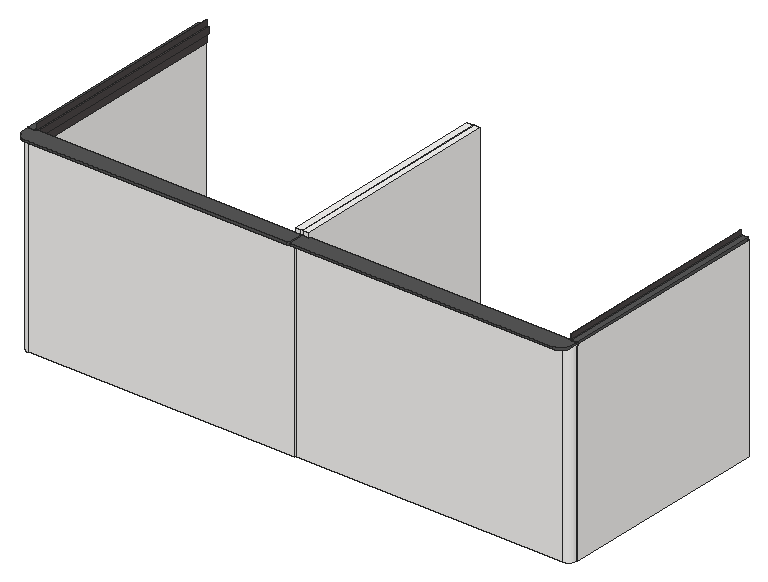
Revit family "vanity unit with 2 drawers for consoles with countertop basin ground", category Furniture, Revit 2019 (continued)
Types (48, lengths in mm): name | WEIGHT | Vanity unit 1560_550 with 2 drawers for consoles with countertop basin ground-54073700-Dark Walnut-MATT_WHITE-400_RX0RY0RZ0TX0TY0TZ0_V | Vanity unit 1560_550 with 2 drawers for consoles with countertop basin ground-54073700-Dark Walnut-MATT_WHITE-200_RX0RY0RZ0TX0TY0TZ0_V | Vanity unit 1560_550 with 2 drawers for consoles with countertop basin ground-54073670-Dark Walnut-MATT_BLACK-400_RX0RY0RZ0TX0TY0TZ0_V | Vanity unit 1560_550 with 2 drawers for consoles with countertop basin ground-54073670-Dark Walnut-MATT_BLACK-200_RX0RY0RZ0TX0TY0TZ0_V | Vanity unit 1560_550 with 2 drawers for consoles with countertop basin ground-54073000-Dark Walnut-CHROME-400_RX0RY0RZ0TX0TY0TZ0_V | Vanity unit 1560_550 with 2 drawers for consoles with countertop basin ground-54073000-Dark Walnut-CHROME-200_RX0RY0RZ0TX0TY0TZ0_V | Vanity unit 1560_550 with 2 drawers for consoles with countertop basin ground-54072700-Natural Oak-MATT_WHITE-400_RX0RY0RZ0TX0TY0TZ0_V | Vanity unit 1560_550 with 2 drawers for consoles with countertop basin ground-54072700-Natural Oak-MATT_WHITE-200_RX0RY0RZ0TX0TY0TZ0_V | Vanity unit 1560_550 with 2 drawers for consoles with countertop basin ground-54072670-Natural Oak-MATT_BLACK-400_RX0RY0RZ0TX0TY0TZ0_V | Vanity unit 1560_550 with 2 drawers for consoles with countertop basin ground-54072670-Natural Oak-MATT_BLACK-200_RX0RY0RZ0TX0TY0TZ0_V | Vanity unit 1560_550 with 2 drawers for consoles with countertop basin ground-54072000-Natural Oak-CHROME-400_RX0RY0RZ0TX0TY0TZ0_V | Vanity unit 1560_550 with 2 drawers for consoles with countertop basin ground-54072000-Natural Oak-CHROME-200_RX0RY0RZ0TX0TY0TZ0_V | Vanity unit 1560_550 with 2 drawers for consoles with countertop basin ground-54071700-Diamond Matt Grey-MATT_WHITE-400_RX0RY0RZ0TX0TY0TZ0_V | Vanity unit 1560_550 with 2 drawers for consoles with countertop basin ground-54071700-Diamond Matt Grey-MATT_WHITE-200_RX0RY0RZ0TX0TY0TZ0_V | Vanity unit 1560_550 with 2 drawers for consoles with countertop basin ground-54071670-Diamond Matt Grey-MATT_BLACK-400_RX0RY0RZ0TX0TY0TZ0_V | Vanity unit 1560_550 with 2 drawers for consoles with countertop basin ground-54071670-Diamond Matt Grey-MATT_BLACK-200_RX0RY0RZ0TX0TY0TZ0_V | Vanity unit 1560_550 with 2 drawers for consoles with countertop basin ground-54071000-Diamond Matt Grey-CHROME-400_RX0RY0RZ0TX0TY0TZ0_V | Vanity unit 1560_550 with 2 drawers for consoles with countertop basin ground-54071000-Diamond Matt Grey-CHROME-200_RX0RY0RZ0TX0TY0TZ0_V | Vanity unit 1560_550 with 2 drawers for consoles with countertop basin ground-54070700-High Gloss White-MATT_WHITE-400_RX0RY0RZ0TX0TY0TZ0_V | Vanity unit 1560_550 with 2 drawers for consoles with countertop basin ground-54070700-High Gloss White-MATT_WHITE-200_RX0RY0RZ0TX0TY0TZ0_V | Vanity unit 1560_550 with 2 drawers for consoles with countertop basin ground-54070670-High Gloss White-MATT_BLACK-400_RX0RY0RZ0TX0TY0TZ0_V | Vanity unit 1560_550 with 2 drawers for consoles with countertop basin ground-54070670-High Gloss White-MATT_BLACK-200_RX0RY0RZ0TX0TY0TZ0_V | Vanity unit 1560_550 with 2 drawers for consoles with countertop basin ground-54070000-High Gloss White-CHROME-400_RX0RY0RZ0TX0TY0TZ0_V | Vanity unit 1560_550 with 2 drawers for consoles with countertop basin ground-54070000-High Gloss White-CHROME-200_RX0RY0RZ0TX0TY0TZ0_V | Vanity unit 1360_550 with 2 drawers for consoles with countertop basin ground-54069700-Dark Walnut-MATT_WHITE-400_RX0RY0RZ0TX0TY0TZ0_V | Vanity unit 1360_550 with 2 drawers for consoles with countertop basin ground-54069700-Dark Walnut-MATT_WHITE-200_RX0RY0RZ0TX0TY0TZ0_V | Vanity unit 1360_550 with 2 drawers for consoles with countertop basin ground-54069670-Dark Walnut-MATT_BLACK-400_RX0RY0RZ0TX0TY0TZ0_V | Vanity unit 1360_550 with 2 drawers for consoles with countertop basin ground-54069670-Dark Walnut-MATT_BLACK-200_RX0RY0RZ0TX0TY0TZ0_V | Vanity unit 1360_550 with 2 drawers for consoles with countertop basin ground-54069000-Dark Walnut-CHROME-400_RX0RY0RZ0TX0TY0TZ0_V | Vanity unit 1360_550 with 2 drawers for consoles with countertop basin ground-54069000-Dark Walnut-CHROME-200_RX0RY0RZ0TX0TY0TZ0_V | Vanity unit 1360_550 with 2 drawers for consoles with countertop basin ground-54068700-Natural Oak-MATT_WHITE-400_RX0RY0RZ0TX0TY0TZ0_V | Vanity unit 1360_550 with 2 drawers for consoles with countertop basin ground-54068700-Natural Oak-MATT_WHITE-200_RX0RY0RZ0TX0TY0TZ0_V | Vanity unit 1360_550 with 2 drawers for consoles with countertop basin ground-54068670-Natural Oak-MATT_BLACK-400_RX0RY0RZ0TX0TY0TZ0_V | Vanity unit 1360_550 with 2 drawers for consoles with countertop basin ground-54068670-Natural Oak-MATT_BLACK-200_RX0RY0RZ0TX0TY0TZ0_V | Vanity unit 1360_550 with 2 drawers for consoles with countertop basin ground-54068000-Natural Oak-CHROME-400_RX0RY0RZ0TX0TY0TZ0_V | Vanity unit 1360_550 with 2 drawers for consoles with countertop basin ground-54068000-Natural Oak-CHROME-200_RX0RY0RZ0TX0TY0TZ0_V | Vanity unit 1360_550 with 2 drawers for consoles with countertop basin ground-54067700-Diamond Matt Grey-MATT_WHITE-400_RX0RY0RZ0TX0TY0TZ0_V | Vanity unit 1360_550 with 2 drawers for consoles with countertop basin ground-54067700-Diamond Matt Grey-MATT_WHITE-200_RX0RY0RZ0TX0TY0TZ0_V | Vanity unit 1360_550 with 2 drawers for consoles with countertop basin ground-54067670-Diamond Matt Grey-MATT_BLACK-400_RX0RY0RZ0TX0TY0TZ0_V | Vanity unit 1360_550 with 2 drawers for consoles with countertop basin ground-54067670-Diamond Matt Grey-MATT_BLACK-200_RX0RY0RZ0TX0TY0TZ0_V | Vanity unit 1360_550 with 2 drawers for consoles with countertop basin ground-54067000-Diamond Matt Grey-CHROME-400_RX0RY0RZ0TX0TY0TZ0_V | Vanity unit 1360_550 with 2 drawers for consoles with countertop basin ground-54067000-Diamond Matt Grey-CHROME-200_RX0RY0RZ0TX0TY0TZ0_V | Vanity unit 1360_550 with 2 drawers for consoles with countertop basin ground-54066700-High Gloss White-MATT_WHITE-400_RX0RY0RZ0TX0TY0TZ0_V | Vanity unit 1360_550 with 2 drawers for consoles with countertop basin ground-54066700-High Gloss White-MATT_WHITE-200_RX0RY0RZ0TX0TY0TZ0_V | Vanity unit 1360_550 with 2 drawers for consoles with countertop basin ground-54066670-High Gloss White-MATT_BLACK-400_RX0RY0RZ0TX0TY0TZ0_V | Vanity unit 1360_550 with 2 drawers for consoles with countertop basin ground-54066670-High Gloss White-MATT_BLACK-200_RX0RY0RZ0TX0TY0TZ0_V | Vanity unit 1360_550 with 2 drawers for consoles with countertop basin ground-54066000-High Gloss White-CHROME-400_RX0RY0RZ0TX0TY0TZ0_V | Vanity unit 1360_550 with 2 drawers for consoles with countertop basin ground-54066000-High Gloss White-CHROME-200_RX0RY0RZ0TX0TY0TZ0_V | SURFACE | PRODUCTURL | PERMALINK | OBERFLAECHE | NB | NAME | Model | MIdent | LODLEVEL | LINA | L | GTINCODE | BASENUMBER | ARTNR
  Vanity unit 1360_550 with 2 drawers for consoles with countertop basin ground-54067700-Diamond Matt Grey-MATT_WHITE-400 | "45.1" | no | no | no | no | no | no | no | no | no | no | no | no | no | no | no | no | no | no | no | no | no | no | no | no | no | no | no | no | no | no | no | no | no | no | no | no | yes | no | no | no | no | no | no | no | no | no | no | no | "MATT_WHITE" | "https://pro.hansgrohe.com/articledetail--54067000" | "54067XXX" | "Diamond Matt Grey" | "Vanity unit 1360/550 with 2 drawers for consoles with countertop basin ground-54067700-Diamond Matt Grey-MATT_WHITE-400" | "Xelu Q Vanity unit Diamond Matt Grey 1360/550 with 2 drawers for consoles with countertop basin ground" | "Vanity unit 1360/550 with 2 drawers for consoles with countertop basin ground-54067700-Diamond Matt Grey-MATT_WHITE-400" | "{$CADENAS_DATA/23d-libs/hansgrohe/xelu_furniture/vanity_unit_with_2_drawers_for_consoles_countertop/vanity_unit_2_drawers_for_consoles_countertop.prj},448 {VTYP=3D},{NB=Vanity unit 1360/550 with 2 drawers for consoles with countertop basin ground-54067700-Diamond Matt Grey-MATT_WHITE-400},{LINA=Vanity unit 1360/550 with 2 drawers for consoles with countertop basin ground-54067700-Diamond Matt Grey-MATT_WHITE-400},{NN=Vanity Unit with 2 Drawers for consoles with countertop basin ground},{DATE=13.03.2023 02:42:47},{GEOMDATE=08.03.2023 14:02:26},{VERSION=},{LINEID=50},{WBVAR=LODLEVEL},{WBNUMERIC=}  {NB=Vanity unit 1360/550 with 2 drawers for consoles with countertop basin ground-54067700-Diamond Matt Grey-MATT_WHITE-400},{LINA=Vanity unit 1360/550 with 2 drawers for consoles with countertop basin ground-54067700-Diamond Matt Grey-MATT_WHITE-400},{KT=DUMMY},{IDNR=5},{ARTNR=54067700},{BASENUMBER=Vanity unit 1360/550 with 2 drawers for consoles with countertop basin ground},{MODEL=54067XXX},{OBERFLAECHE=Diamond Matt Grey},{SURFACE=MATT_WHITE},{L=1360},{LODLEVEL=400},{LODLEVELX='400','400','200','200'},{NAME=Xelu Q Vanity unit Diamond Matt Grey 1360/550 with 2 drawers for consoles with countertop basin ground},{PERMALINK=54067XXX},{OBJECTTYPE=Object (single object)},{BIMOBJECT=Sanitary: Compound units},{PRODUCTFAMILY=Xelu Q},{PRODUCTGROUP=vanity unit},{WEIGHT=45.1},{DESCRIPTION=Xelu Q Vanity unit Diamond Matt Grey 1360/550 with 2 drawers for consoles with countertop basin ground},{SPECIFICATION=},{PRODUCTURL=https://pro.hansgrohe.com/articledetail--54067000},{GTINCODE=4059625456347},{TENDERURL=},{IFC=Furnishing element},{ETIM=EC011381 | Bathroom furniture set},{UNICLASS2015=Pr_40_30_78_05 | Bathroom furniture},{OMNICLASS=23-21 19 15 33 13 | Residential Bathroom Specialty Casework},{MASTERFORMAT=12 35 30.23 | Bathroom Casework},{UNSPSC=56 | Furniture and Furnishings},{UNIFORMATII=E2010 | Fixed Furnishings},{REGIONSET=Worldwide},{DESIGN=Germany},{MANUFACTURER=Germany}" | "400" | "Vanity unit 1360/550 with 2 drawers for consoles with countertop basin ground-54067700-Diamond Matt Grey-MATT_WHITE-400" | 1360 | "4059625456347" | "Vanity unit 1360/550 with 2 drawers for consoles with countertop basin ground" | "54067700"
  Vanity unit 1360_550 with 2 drawers for consoles with countertop basin ground-54068000-Natural Oak-CHROME-200 | "45.1" | no | no | no | no | no | no | no | no | no | no | no | no | no | no | no | no | no | no | no | no | no | no | no | no | no | no | no | no | no | no | no | no | no | no | no | yes | no | no | no | no | no | no | no | no | no | no | no | no | "CHROME" | "https://pro.hansgrohe.com/articledetail--54068000" | "54068XXX" | "Natural Oak" | "Vanity unit 1360/550 with 2 drawers for consoles with countertop basin ground-54068000-Natural Oak-CHROME-200" | "Xelu Q Vanity unit Natural Oak 1360/550 with 2 drawers for consoles with countertop basin ground" | "Vanity unit 1360/550 with 2 drawers for consoles with countertop basin ground-54068000-Natural Oak-CHROME-200" | "{$CADENAS_DATA/23d-libs/hansgrohe/xelu_furniture/vanity_unit_with_2_drawers_for_consoles_countertop/vanity_unit_2_drawers_for_consoles_countertop.prj},428 {VTYP=3D},{NB=Vanity unit 1360/550 with 2 drawers for consoles with countertop basin ground-54068000-Natural Oak-CHROME-200},{LINA=Vanity unit 1360/550 with 2 drawers for consoles with countertop basin ground-54068000-Natural Oak-CHROME-200},{NN=Vanity Unit with 2 Drawers for consoles with countertop basin ground},{DATE=13.03.2023 02:42:47},{GEOMDATE=08.03.2023 14:02:26},{VERSION=},{LINEID=90},{WBVAR=LODLEVEL},{WBNUMERIC=}  {NB=Vanity unit 1360/550 with 2 drawers for consoles with countertop basin ground-54068000-Natural Oak-CHROME-200},{LINA=Vanity unit 1360/550 with 2 drawers for consoles with countertop basin ground-54068000-Natural Oak-CHROME-200},{KT=DUMMY},{IDNR=9},{ARTNR=54068000},{BASENUMBER=Vanity unit 1360/550 with 2 drawers for consoles with countertop basin ground},{MODEL=54068XXX},{OBERFLAECHE=Natural Oak},{SURFACE=CHROME},{L=1360},{LODLEVEL=200},{LODLEVELX='400','400','200','200'},{NAME=Xelu Q Vanity unit Natural Oak 1360/550 with 2 drawers for consoles with countertop basin ground},{PERMALINK=54068XXX},{OBJECTTYPE=Object (single object)},{BIMOBJECT=Sanitary: Compound units},{PRODUCTFAMILY=Xelu Q},{PRODUCTGROUP=vanity unit},{WEIGHT=45.1},{DESCRIPTION=Xelu Q Vanity unit Natural Oak 1360/550 with 2 drawers for consoles with countertop basin ground},{SPECIFICATION=},{PRODUCTURL=https://pro.hansgrohe.com/articledetail--54068000},{GTINCODE=4059625456316},{TENDERURL=},{IFC=Furnishing element},{ETIM=EC011381 | Bathroom furniture set},{UNICLASS2015=Pr_40_30_78_05 | Bathroom furniture},{OMNICLASS=23-21 19 15 33 13 | Residential Bathroom Specialty Casework},{MASTERFORMAT=12 35 30.23 | Bathroom Casework},{UNSPSC=56 | Furniture and Furnishings},{UNIFORMATII=E2010 | Fixed Furnishings},{REGIONSET=Worldwide},{DESIGN=Germany},{MANUFACTURER=Germany}" | "200" | "Vanity unit 1360/550 with 2 drawers for consoles with countertop basin ground-54068000-Natural Oak-CHROME-200" | 1360 | "4059625456316" | "Vanity unit 1360/550 with 2 drawers for consoles with countertop basin ground" | "54068000"
  Vanity unit 1360_550 with 2 drawers for consoles with countertop basin ground-54068000-Natural Oak-CHROME-400 | "45.1" | no | no | no | no | no | no | no | no | no | no | no | no | no | no | no | no | no | no | no | no | no | no | no | no | no | no | no | no | no | no | no | no | no | no | yes | no | no | no | no | no | no | no | no | no | no | no | no | no | "CHROME" | "https://pro.hansgrohe.com/articledetail--54068000" | "54068XXX" | "Natural Oak" | "Vanity unit 1360/550 with 2 drawers for consoles with countertop basin ground-54068000-Natural Oak-CHROME-400" | "Xelu Q Vanity unit Natural Oak 1360/550 with 2 drawers for consoles with countertop basin ground" | "Vanity unit 1360/550 with 2 drawers for consoles with countertop basin ground-54068000-Natural Oak-CHROME-400" | "{$CADENAS_DATA/23d-libs/hansgrohe/xelu_furniture/vanity_unit_with_2_drawers_for_consoles_countertop/vanity_unit_2_drawers_for_consoles_countertop.prj},428 {VTYP=3D},{NB=Vanity unit 1360/550 with 2 drawers for consoles with countertop basin ground-54068000-Natural Oak-CHROME-400},{LINA=Vanity unit 1360/550 with 2 drawers for consoles with countertop basin ground-54068000-Natural Oak-CHROME-400},{NN=Vanity Unit with 2 Drawers for consoles with countertop basin ground},{DATE=13.03.2023 02:42:47},{GEOMDATE=08.03.2023 14:02:26},{VERSION=},{LINEID=90},{WBVAR=LODLEVEL},{WBNUMERIC=}  {NB=Vanity unit 1360/550 with 2 drawers for consoles with countertop basin ground-54068000-Natural Oak-CHROME-400},{LINA=Vanity unit 1360/550 with 2 drawers for consoles with countertop basin ground-54068000-Natural Oak-CHROME-400},{KT=DUMMY},{IDNR=9},{ARTNR=54068000},{BASENUMBER=Vanity unit 1360/550 with 2 drawers for consoles with countertop basin ground},{MODEL=54068XXX},{OBERFLAECHE=Natural Oak},{SURFACE=CHROME},{L=1360},{LODLEVEL=400},{LODLEVELX='400','400','200','200'},{NAME=Xelu Q Vanity unit Natural Oak 1360/550 with 2 drawers for consoles with countertop basin ground},{PERMALINK=54068XXX},{OBJECTTYPE=Object (single object)},{BIMOBJECT=Sanitary: Compound units},{PRODUCTFAMILY=Xelu Q},{PRODUCTGROUP=vanity unit},{WEIGHT=45.1},{DESCRIPTION=Xelu Q Vanity unit Natural Oak 1360/550 with 2 drawers for consoles with countertop basin ground},{SPECIFICATION=},{PRODUCTURL=https://pro.hansgrohe.com/articledetail--54068000},{GTINCODE=4059625456316},{TENDERURL=},{IFC=Furnishing element},{ETIM=EC011381 | Bathroom furniture set},{UNICLASS2015=Pr_40_30_78_05 | Bathroom furniture},{OMNICLASS=23-21 19 15 33 13 | Residential Bathroom Specialty Casework},{MASTERFORMAT=12 35 30.23 | Bathroom Casework},{UNSPSC=56 | Furniture and Furnishings},{UNIFORMATII=E2010 | Fixed Furnishings},{REGIONSET=Worldwide},{DESIGN=Germany},{MANUFACTURER=Germany}" | "400" | "Vanity unit 1360/550 with 2 drawers for consoles with countertop basin ground-54068000-Natural Oak-CHROME-400" | 1360 | "4059625456316" | "Vanity unit 1360/550 with 2 drawers for consoles with countertop basin ground" | "54068000"
  Vanity unit 1360_550 with 2 drawers for consoles with countertop basin ground-54068670-Natural Oak-MATT_BLACK-200 | "45.1" | no | no | no | no | no | no | no | no | no | no | no | no | no | no | no | no | no | no | no | no | no | no | no | no | no | no | no | no | no | no | no | no | no | yes | no | no | no | no | no | no | no | no | no | no | no | no | no | no | "MATT_BLACK" | "https://pro.hansgrohe.com/articledetail--54068000" | "54068XXX" | "Natural Oak" | "Vanity unit 1360/550 with 2 drawers for consoles with countertop basin ground-54068670-Natural Oak-MATT_BLACK-200" | "Xelu Q Vanity unit Natural Oak 1360/550 with 2 drawers for consoles with countertop basin ground" | "Vanity unit 1360/550 with 2 drawers for consoles with countertop basin ground-54068670-Natural Oak-MATT_BLACK-200" | "{$CADENAS_DATA/23d-libs/hansgrohe/xelu_furniture/vanity_unit_with_2_drawers_for_consoles_countertop/vanity_unit_2_drawers_for_consoles_countertop.prj},436 {VTYP=3D},{NB=Vanity unit 1360/550 with 2 drawers for consoles with countertop basin ground-54068670-Natural Oak-MATT_BLACK-200},{LINA=Vanity unit 1360/550 with 2 drawers for consoles with countertop basin ground-54068670-Natural Oak-MATT_BLACK-200},{NN=Vanity Unit with 2 Drawers for consoles with countertop basin ground},{DATE=13.03.2023 02:42:47},{GEOMDATE=08.03.2023 14:02:26},{VERSION=},{LINEID=80},{WBVAR=LODLEVEL},{WBNUMERIC=}  {NB=Vanity unit 1360/550 with 2 drawers for consoles with countertop basin ground-54068670-Natural Oak-MATT_BLACK-200},{LINA=Vanity unit 1360/550 with 2 drawers for consoles with countertop basin ground-54068670-Natural Oak-MATT_BLACK-200},{KT=DUMMY},{IDNR=8},{ARTNR=54068670},{BASENUMBER=Vanity unit 1360/550 with 2 drawers for consoles with countertop basin ground},{MODEL=54068XXX},{OBERFLAECHE=Natural Oak},{SURFACE=MATT_BLACK},{L=1360},{LODLEVEL=200},{LODLEVELX='400','400','200','200'},{NAME=Xelu Q Vanity unit Natural Oak 1360/550 with 2 drawers for consoles with countertop basin ground},{PERMALINK=54068XXX},{OBJECTTYPE=Object (single object)},{BIMOBJECT=Sanitary: Compound units},{PRODUCTFAMILY=Xelu Q},{PRODUCTGROUP=vanity unit},{WEIGHT=45.1},{DESCRIPTION=Xelu Q Vanity unit Natural Oak 1360/550 with 2 drawers for consoles with countertop basin ground},{SPECIFICATION=},{PRODUCTURL=https://pro.hansgrohe.com/articledetail--54068000},{GTINCODE=4059625456316},{TENDERURL=},{IFC=Furnishing element},{ETIM=EC011381 | Bathroom furniture set},{UNICLASS2015=Pr_40_30_78_05 | Bathroom furniture},{OMNICLASS=23-21 19 15 33 13 | Residential Bathroom Specialty Casework},{MASTERFORMAT=12 35 30.23 | Bathroom Casework},{UNSPSC=56 | Furniture and Furnishings},{UNIFORMATII=E2010 | Fixed Furnishings},{REGIONSET=Worldwide},{DESIGN=Germany},{MANUFACTURER=Germany}" | "200" | "Vanity unit 1360/550 with 2 drawers for consoles with countertop basin ground-54068670-Natural Oak-MATT_BLACK-200" | 1360 | "4059625456316" | "Vanity unit 1360/550 with 2 drawers for consoles with countertop basin ground" | "54068670"
  Vanity unit 1360_550 with 2 drawers for consoles with countertop basin ground-54068670-Natural Oak-MATT_BLACK-400 | "45.1" | no | no | no | no | no | no | no | no | no | no | no | no | no | no | no | no | no | no | no | no | no | no | no | no | no | no | no | no | no | no | no | no | yes | no | no | no | no | no | no | no | no | no | no | no | no | no | no | no | "MATT_BLACK" | "https://pro.hansgrohe.com/articledetail--54068000" | "54068XXX" | "Natural Oak" | "Vanity unit 1360/550 with 2 drawers for consoles with countertop basin ground-54068670-Natural Oak-MATT_BLACK-400" | "Xelu Q Vanity unit Natural Oak 1360/550 with 2 drawers for consoles with countertop basin ground" | "Vanity unit 1360/550 with 2 drawers for consoles with countertop basin ground-54068670-Natural Oak-MATT_BLACK-400" | "{$CADENAS_DATA/23d-libs/hansgrohe/xelu_furniture/vanity_unit_with_2_drawers_for_consoles_countertop/vanity_unit_2_drawers_for_consoles_countertop.prj},436 {VTYP=3D},{NB=Vanity unit 1360/550 with 2 drawers for consoles with countertop basin ground-54068670-Natural Oak-MATT_BLACK-400},{LINA=Vanity unit 1360/550 with 2 drawers for consoles with countertop basin ground-54068670-Natural Oak-MATT_BLACK-400},{NN=Vanity Unit with 2 Drawers for consoles with countertop basin ground},{DATE=13.03.2023 02:42:47},{GEOMDATE=08.03.2023 14:02:26},{VERSION=},{LINEID=80},{WBVAR=LODLEVEL},{WBNUMERIC=}  {NB=Vanity unit 1360/550 with 2 drawers for consoles with countertop basin ground-54068670-Natural Oak-MATT_BLACK-400},{LINA=Vanity unit 1360/550 with 2 drawers for consoles with countertop basin ground-54068670-Natural Oak-MATT_BLACK-400},{KT=DUMMY},{IDNR=8},{ARTNR=54068670},{BASENUMBER=Vanity unit 1360/550 with 2 drawers for consoles with countertop basin ground},{MODEL=54068XXX},{OBERFLAECHE=Natural Oak},{SURFACE=MATT_BLACK},{L=1360},{LODLEVEL=400},{LODLEVELX='400','400','200','200'},{NAME=Xelu Q Vanity unit Natural Oak 1360/550 with 2 drawers for consoles with countertop basin ground},{PERMALINK=54068XXX},{OBJECTTYPE=Object (single object)},{BIMOBJECT=Sanitary: Compound units},{PRODUCTFAMILY=Xelu Q},{PRODUCTGROUP=vanity unit},{WEIGHT=45.1},{DESCRIPTION=Xelu Q Vanity unit Natural Oak 1360/550 with 2 drawers for consoles with countertop basin ground},{SPECIFICATION=},{PRODUCTURL=https://pro.hansgrohe.com/articledetail--54068000},{GTINCODE=4059625456316},{TENDERURL=},{IFC=Furnishing element},{ETIM=EC011381 | Bathroom furniture set},{UNICLASS2015=Pr_40_30_78_05 | Bathroom furniture},{OMNICLASS=23-21 19 15 33 13 | Residential Bathroom Specialty Casework},{MASTERFORMAT=12 35 30.23 | Bathroom Casework},{UNSPSC=56 | Furniture and Furnishings},{UNIFORMATII=E2010 | Fixed Furnishings},{REGIONSET=Worldwide},{DESIGN=Germany},{MANUFACTURER=Germany}" | "400" | "Vanity unit 1360/550 with 2 drawers for consoles with countertop basin ground-54068670-Natural Oak-MATT_BLACK-400" | 1360 | "4059625456316" | "Vanity unit 1360/550 with 2 drawers for consoles with countertop basin ground" | "54068670"
  Vanity unit 1360_550 with 2 drawers for consoles with countertop basin ground-54068700-Natural Oak-MATT_WHITE-200 | "45.1" | no | no | no | no | no | no | no | no | no | no | no | no | no | no | no | no | no | no | no | no | no | no | no | no | no | no | no | no | no | no | no | yes | no | no | no | no | no | no | no | no | no | no | no | no | no | no | no | no | "MATT_WHITE" | "https://pro.hansgrohe.com/articledetail--54068000" | "54068XXX" | "Natural Oak" | "Vanity unit 1360/550 with 2 drawers for consoles with countertop basin ground-54068700-Natural Oak-MATT_WHITE-200" | "Xelu Q Vanity unit Natural Oak 1360/550 with 2 drawers for consoles with countertop basin ground" | "Vanity unit 1360/550 with 2 drawers for consoles with countertop basin ground-54068700-Natural Oak-MATT_WHITE-200" | "{$CADENAS_DATA/23d-libs/hansgrohe/xelu_furniture/vanity_unit_with_2_drawers_for_consoles_countertop/vanity_unit_2_drawers_for_consoles_countertop.prj},436 {VTYP=3D},{NB=Vanity unit 1360/550 with 2 drawers for consoles with countertop basin ground-54068700-Natural Oak-MATT_WHITE-200},{LINA=Vanity unit 1360/550 with 2 drawers for consoles with countertop basin ground-54068700-Natural Oak-MATT_WHITE-200},{NN=Vanity Unit with 2 Drawers for consoles with countertop basin ground},{DATE=13.03.2023 02:42:47},{GEOMDATE=08.03.2023 14:02:26},{VERSION=},{LINEID=70},{WBVAR=LODLEVEL},{WBNUMERIC=}  {NB=Vanity unit 1360/550 with 2 drawers for consoles with countertop basin ground-54068700-Natural Oak-MATT_WHITE-200},{LINA=Vanity unit 1360/550 with 2 drawers for consoles with countertop basin ground-54068700-Natural Oak-MATT_WHITE-200},{KT=DUMMY},{IDNR=7},{ARTNR=54068700},{BASENUMBER=Vanity unit 1360/550 with 2 drawers for consoles with countertop basin ground},{MODEL=54068XXX},{OBERFLAECHE=Natural Oak},{SURFACE=MATT_WHITE},{L=1360},{LODLEVEL=200},{LODLEVELX='400','400','200','200'},{NAME=Xelu Q Vanity unit Natural Oak 1360/550 with 2 drawers for consoles with countertop basin ground},{PERMALINK=54068XXX},{OBJECTTYPE=Object (single object)},{BIMOBJECT=Sanitary: Compound units},{PRODUCTFAMILY=Xelu Q},{PRODUCTGROUP=vanity unit},{WEIGHT=45.1},{DESCRIPTION=Xelu Q Vanity unit Natural Oak 1360/550 with 2 drawers for consoles with countertop basin ground},{SPECIFICATION=},{PRODUCTURL=https://pro.hansgrohe.com/articledetail--54068000},{GTINCODE=4059625456316},{TENDERURL=},{IFC=Furnishing element},{ETIM=EC011381 | Bathroom furniture set},{UNICLASS2015=Pr_40_30_78_05 | Bathroom furniture},{OMNICLASS=23-21 19 15 33 13 | Residential Bathroom Specialty Casework},{MASTERFORMAT=12 35 30.23 | Bathroom Casework},{UNSPSC=56 | Furniture and Furnishings},{UNIFORMATII=E2010 | Fixed Furnishings},{REGIONSET=Worldwide},{DESIGN=Germany},{MANUFACTURER=Germany}" | "200" | "Vanity unit 1360/550 with 2 drawers for consoles with countertop basin ground-54068700-Natural Oak-MATT_WHITE-200" | 1360 | "4059625456316" | "Vanity unit 1360/550 with 2 drawers for consoles with countertop basin ground" | "54068700"
  Vanity unit 1360_550 with 2 drawers for consoles with countertop basin ground-54068700-Natural Oak-MATT_WHITE-400 | "45.1" | no | no | no | no | no | no | no | no | no | no | no | no | no | no | no | no | no | no | no | no | no | no | no | no | no | no | no | no | no | no | yes | no | no | no | no | no | no | no | no | no | no | no | no | no | no | no | no | no | "MATT_WHITE" | "https://pro.hansgrohe.com/articledetail--54068000" | "54068XXX" | "Natural Oak" | "Vanity unit 1360/550 with 2 drawers for consoles with countertop basin ground-54068700-Natural Oak-MATT_WHITE-400" | "Xelu Q Vanity unit Natural Oak 1360/550 with 2 drawers for consoles with countertop basin ground" | "Vanity unit 1360/550 with 2 drawers for consoles with countertop basin ground-54068700-Natural Oak-MATT_WHITE-400" | "{$CADENAS_DATA/23d-libs/hansgrohe/xelu_furniture/vanity_unit_with_2_drawers_for_consoles_countertop/vanity_unit_2_drawers_for_consoles_countertop.prj},436 {VTYP=3D},{NB=Vanity unit 1360/550 with 2 drawers for consoles with countertop basin ground-54068700-Natural Oak-MATT_WHITE-400},{LINA=Vanity unit 1360/550 with 2 drawers for consoles with countertop basin ground-54068700-Natural Oak-MATT_WHITE-400},{NN=Vanity Unit with 2 Drawers for consoles with countertop basin ground},{DATE=13.03.2023 02:42:47},{GEOMDATE=08.03.2023 14:02:26},{VERSION=},{LINEID=70},{WBVAR=LODLEVEL},{WBNUMERIC=}  {NB=Vanity unit 1360/550 with 2 drawers for consoles with countertop basin ground-54068700-Natural Oak-MATT_WHITE-400},{LINA=Vanity unit 1360/550 with 2 drawers for consoles with countertop basin ground-54068700-Natural Oak-MATT_WHITE-400},{KT=DUMMY},{IDNR=7},{ARTNR=54068700},{BASENUMBER=Vanity unit 1360/550 with 2 drawers for consoles with countertop basin ground},{MODEL=54068XXX},{OBERFLAECHE=Natural Oak},{SURFACE=MATT_WHITE},{L=1360},{LODLEVEL=400},{LODLEVELX='400','400','200','200'},{NAME=Xelu Q Vanity unit Natural Oak 1360/550 with 2 drawers for consoles with countertop basin ground},{PERMALINK=54068XXX},{OBJECTTYPE=Object (single object)},{BIMOBJECT=Sanitary: Compound units},{PRODUCTFAMILY=Xelu Q},{PRODUCTGROUP=vanity unit},{WEIGHT=45.1},{DESCRIPTION=Xelu Q Vanity unit Natural Oak 1360/550 with 2 drawers for consoles with countertop basin ground},{SPECIFICATION=},{PRODUCTURL=https://pro.hansgrohe.com/articledetail--54068000},{GTINCODE=4059625456316},{TENDERURL=},{IFC=Furnishing element},{ETIM=EC011381 | Bathroom furniture set},{UNICLASS2015=Pr_40_30_78_05 | Bathroom furniture},{OMNICLASS=23-21 19 15 33 13 | Residential Bathroom Specialty Casework},{MASTERFORMAT=12 35 30.23 | Bathroom Casework},{UNSPSC=56 | Furniture and Furnishings},{UNIFORMATII=E2010 | Fixed Furnishings},{REGIONSET=Worldwide},{DESIGN=Germany},{MANUFACTURER=Germany}" | "400" | "Vanity unit 1360/550 with 2 drawers for consoles with countertop basin ground-54068700-Natural Oak-MATT_WHITE-400" | 1360 | "4059625456316" | "Vanity unit 1360/550 with 2 drawers for consoles with countertop basin ground" | "54068700"
  Vanity unit 1360_550 with 2 drawers for consoles with countertop basin ground-54069000-Dark Walnut-CHROME-200 | "45.1" | no | no | no | no | no | no | no | no | no | no | no | no | no | no | no | no | no | no | no | no | no | no | no | no | no | no | no | no | no | yes | no | no | no | no | no | no | no | no | no | no | no | no | no | no | no | no | no | no | "CHROME" | "https://pro.hansgrohe.com/articledetail--54069000" | "54069XXX" | "Dark Walnut" | "Vanity unit 1360/550 with 2 drawers for consoles with countertop basin ground-54069000-Dark Walnut-CHROME-200" | "Xelu Q Vanity unit Dark Walnut 1360/550 with 2 drawers for consoles with countertop basin ground" | "Vanity unit 1360/550 with 2 drawers for consoles with countertop basin ground-54069000-Dark Walnut-CHROME-200" | "{$CADENAS_DATA/23d-libs/hansgrohe/xelu_furniture/vanity_unit_with_2_drawers_for_consoles_countertop/vanity_unit_2_drawers_for_consoles_countertop.prj},429 {VTYP=3D},{NB=Vanity unit 1360/550 with 2 drawers for consoles with countertop basin ground-54069000-Dark Walnut-CHROME-200},{LINA=Vanity unit 1360/550 with 2 drawers for consoles with countertop basin ground-54069000-Dark Walnut-CHROME-200},{NN=Vanity Unit with 2 Drawers for consoles with countertop basin ground},{DATE=13.03.2023 02:42:47},{GEOMDATE=08.03.2023 14:02:26},{VERSION=},{LINEID=120},{WBVAR=LODLEVEL},{WBNUMERIC=}  {NB=Vanity unit 1360/550 with 2 drawers for consoles with countertop basin ground-54069000-Dark Walnut-CHROME-200},{LINA=Vanity unit 1360/550 with 2 drawers for consoles with countertop basin ground-54069000-Dark Walnut-CHROME-200},{KT=DUMMY},{IDNR=12},{ARTNR=54069000},{BASENUMBER=Vanity unit 1360/550 with 2 drawers for consoles with countertop basin ground},{MODEL=54069XXX},{OBERFLAECHE=Dark Walnut},{SURFACE=CHROME},{L=1360},{LODLEVEL=200},{LODLEVELX='400','400','200','200'},{NAME=Xelu Q Vanity unit Dark Walnut 1360/550 with 2 drawers for consoles with countertop basin ground},{PERMALINK=54069XXX},{OBJECTTYPE=Object (single object)},{BIMOBJECT=Sanitary: Compound units},{PRODUCTFAMILY=Xelu Q},{PRODUCTGROUP=vanity unit},{WEIGHT=45.1},{DESCRIPTION=Xelu Q Vanity unit Dark Walnut 1360/550 with 2 drawers for consoles with countertop basin ground},{SPECIFICATION=},{PRODUCTURL=https://pro.hansgrohe.com/articledetail--54069000},{GTINCODE=4059625456286},{TENDERURL=},{IFC=Furnishing element},{ETIM=EC011381 | Bathroom furniture set},{UNICLASS2015=Pr_40_30_78_05 | Bathroom furniture},{OMNICLASS=23-21 19 15 33 13 | Residential Bathroom Specialty Casework},{MASTERFORMAT=12 35 30.23 | Bathroom Casework},{UNSPSC=56 | Furniture and Furnishings},{UNIFORMATII=E2010 | Fixed Furnishings},{REGIONSET=Worldwide},{DESIGN=Germany},{MANUFACTURER=Germany}" | "200" | "Vanity unit 1360/550 with 2 drawers for consoles with countertop basin ground-54069000-Dark Walnut-CHROME-200" | 1360 | "4059625456286" | "Vanity unit 1360/550 with 2 drawers for consoles with countertop basin ground" | "54069000"
  Vanity unit 1360_550 with 2 drawers for consoles with countertop basin ground-54069000-Dark Walnut-CHROME-400 | "45.1" | no | no | no | no | no | no | no | no | no | no | no | no | no | no | no | no | no | no | no | no | no | no | no | no | no | no | no | no | yes | no | no | no | no | no | no | no | no | no | no | no | no | no | no | no | no | no | no | no | "CHROME" | "https://pro.hansgrohe.com/articledetail--54069000" | "54069XXX" | "Dark Walnut" | "Vanity unit 1360/550 with 2 drawers for consoles with countertop basin ground-54069000-Dark Walnut-CHROME-400" | "Xelu Q Vanity unit Dark Walnut 1360/550 with 2 drawers for consoles with countertop basin ground" | "Vanity unit 1360/550 with 2 drawers for consoles with countertop basin ground-54069000-Dark Walnut-CHROME-400" | "{$CADENAS_DATA/23d-libs/hansgrohe/xelu_furniture/vanity_unit_with_2_drawers_for_consoles_countertop/vanity_unit_2_drawers_for_consoles_countertop.prj},429 {VTYP=3D},{NB=Vanity unit 1360/550 with 2 drawers for consoles with countertop basin ground-54069000-Dark Walnut-CHROME-400},{LINA=Vanity unit 1360/550 with 2 drawers for consoles with countertop basin ground-54069000-Dark Walnut-CHROME-400},{NN=Vanity Unit with 2 Drawers for consoles with countertop basin ground},{DATE=13.03.2023 02:42:47},{GEOMDATE=08.03.2023 14:02:26},{VERSION=},{LINEID=120},{WBVAR=LODLEVEL},{WBNUMERIC=}  {NB=Vanity unit 1360/550 with 2 drawers for consoles with countertop basin ground-54069000-Dark Walnut-CHROME-400},{LINA=Vanity unit 1360/550 with 2 drawers for consoles with countertop basin ground-54069000-Dark Walnut-CHROME-400},{KT=DUMMY},{IDNR=12},{ARTNR=54069000},{BASENUMBER=Vanity unit 1360/550 with 2 drawers for consoles with countertop basin ground},{MODEL=54069XXX},{OBERFLAECHE=Dark Walnut},{SURFACE=CHROME},{L=1360},{LODLEVEL=400},{LODLEVELX='400','400','200','200'},{NAME=Xelu Q Vanity unit Dark Walnut 1360/550 with 2 drawers for consoles with countertop basin ground},{PERMALINK=54069XXX},{OBJECTTYPE=Object (single object)},{BIMOBJECT=Sanitary: Compound units},{PRODUCTFAMILY=Xelu Q},{PRODUCTGROUP=vanity unit},{WEIGHT=45.1},{DESCRIPTION=Xelu Q Vanity unit Dark Walnut 1360/550 with 2 drawers for consoles with countertop basin ground},{SPECIFICATION=},{PRODUCTURL=https://pro.hansgrohe.com/articledetail--54069000},{GTINCODE=4059625456286},{TENDERURL=},{IFC=Furnishing element},{ETIM=EC011381 | Bathroom furniture set},{UNICLASS2015=Pr_40_30_78_05 | Bathroom furniture},{OMNICLASS=23-21 19 15 33 13 | Residential Bathroom Specialty Casework},{MASTERFORMAT=12 35 30.23 | Bathroom Casework},{UNSPSC=56 | Furniture and Furnishings},{UNIFORMATII=E2010 | Fixed Furnishings},{REGIONSET=Worldwide},{DESIGN=Germany},{MANUFACTURER=Germany}" | "400" | "Vanity unit 1360/550 with 2 drawers for consoles with countertop basin ground-54069000-Dark Walnut-CHROME-400" | 1360 | "4059625456286" | "Vanity unit 1360/550 with 2 drawers for consoles with countertop basin ground" | "54069000"
  Vanity unit 1360_550 with 2 drawers for consoles with countertop basin ground-54069670-Dark Walnut-MATT_BLACK-200 | "45.1" | no | no | no | no | no | no | no | no | no | no | no | no | no | no | no | no | no | no | no | no | no | no | no | no | no | no | no | yes | no | no | no | no | no | no | no | no | no | no | no | no | no | no | no | no | no | no | no | no | "MATT_BLACK" | "https://pro.hansgrohe.com/articledetail--54069000" | "54069XXX" | "Dark Walnut" | "Vanity unit 1360/550 with 2 drawers for consoles with countertop basin ground-54069670-Dark Walnut-MATT_BLACK-200" | "Xelu Q Vanity unit Dark Walnut 1360/550 with 2 drawers for consoles with countertop basin ground" | "Vanity unit 1360/550 with 2 drawers for consoles with countertop basin ground-54069670-Dark Walnut-MATT_BLACK-200" | "{$CADENAS_DATA/23d-libs/hansgrohe/xelu_furniture/vanity_unit_with_2_drawers_for_consoles_countertop/vanity_unit_2_drawers_for_consoles_countertop.prj},437 {VTYP=3D},{NB=Vanity unit 1360/550 with 2 drawers for consoles with countertop basin ground-54069670-Dark Walnut-MATT_BLACK-200},{LINA=Vanity unit 1360/550 with 2 drawers for consoles with countertop basin ground-54069670-Dark Walnut-MATT_BLACK-200},{NN=Vanity Unit with 2 Drawers for consoles with countertop basin ground},{DATE=13.03.2023 02:42:47},{GEOMDATE=08.03.2023 14:02:26},{VERSION=},{LINEID=110},{WBVAR=LODLEVEL},{WBNUMERIC=}  {NB=Vanity unit 1360/550 with 2 drawers for consoles with countertop basin ground-54069670-Dark Walnut-MATT_BLACK-200},{LINA=Vanity unit 1360/550 with 2 drawers for consoles with countertop basin ground-54069670-Dark Walnut-MATT_BLACK-200},{KT=DUMMY},{IDNR=11},{ARTNR=54069670},{BASENUMBER=Vanity unit 1360/550 with 2 drawers for consoles with countertop basin ground},{MODEL=54069XXX},{OBERFLAECHE=Dark Walnut},{SURFACE=MATT_BLACK},{L=1360},{LODLEVEL=200},{LODLEVELX='400','400','200','200'},{NAME=Xelu Q Vanity unit Dark Walnut 1360/550 with 2 drawers for consoles with countertop basin ground},{PERMALINK=54069XXX},{OBJECTTYPE=Object (single object)},{BIMOBJECT=Sanitary: Compound units},{PRODUCTFAMILY=Xelu Q},{PRODUCTGROUP=vanity unit},{WEIGHT=45.1},{DESCRIPTION=Xelu Q Vanity unit Dark Walnut 1360/550 with 2 drawers for consoles with countertop basin ground},{SPECIFICATION=},{PRODUCTURL=https://pro.hansgrohe.com/articledetail--54069000},{GTINCODE=4059625456286},{TENDERURL=},{IFC=Furnishing element},{ETIM=EC011381 | Bathroom furniture set},{UNICLASS2015=Pr_40_30_78_05 | Bathroom furniture},{OMNICLASS=23-21 19 15 33 13 | Residential Bathroom Specialty Casework},{MASTERFORMAT=12 35 30.23 | Bathroom Casework},{UNSPSC=56 | Furniture and Furnishings},{UNIFORMATII=E2010 | Fixed Furnishings},{REGIONSET=Worldwide},{DESIGN=Germany},{MANUFACTURER=Germany}" | "200" | "Vanity unit 1360/550 with 2 drawers for consoles with countertop basin ground-54069670-Dark Walnut-MATT_BLACK-200" | 1360 | "4059625456286" | "Vanity unit 1360/550 with 2 drawers for consoles with countertop basin ground" | "54069670"
  Vanity unit 1360_550 with 2 drawers for consoles with countertop basin ground-54069670-Dark Walnut-MATT_BLACK-400 | "45.1" | no | no | no | no | no | no | no | no | no | no | no | no | no | no | no | no | no | no | no | no | no | no | no | no | no | no | yes | no | no | no | no | no | no | no | no | no | no | no | no | no | no | no | no | no | no | no | no | no | "MATT_BLACK" | "https://pro.hansgrohe.com/articledetail--54069000" | "54069XXX" | "Dark Walnut" | "Vanity unit 1360/550 with 2 drawers for consoles with countertop basin ground-54069670-Dark Walnut-MATT_BLACK-400" | "Xelu Q Vanity unit Dark Walnut 1360/550 with 2 drawers for consoles with countertop basin ground" | "Vanity unit 1360/550 with 2 drawers for consoles with countertop basin ground-54069670-Dark Walnut-MATT_BLACK-400" | "{$CADENAS_DATA/23d-libs/hansgrohe/xelu_furniture/vanity_unit_with_2_drawers_for_consoles_countertop/vanity_unit_2_drawers_for_consoles_countertop.prj},437 {VTYP=3D},{NB=Vanity unit 1360/550 with 2 drawers for consoles with countertop basin ground-54069670-Dark Walnut-MATT_BLACK-400},{LINA=Vanity unit 1360/550 with 2 drawers for consoles with countertop basin ground-54069670-Dark Walnut-MATT_BLACK-400},{NN=Vanity Unit with 2 Drawers for consoles with countertop basin ground},{DATE=13.03.2023 02:42:47},{GEOMDATE=08.03.2023 14:02:26},{VERSION=},{LINEID=110},{WBVAR=LODLEVEL},{WBNUMERIC=}  {NB=Vanity unit 1360/550 with 2 drawers for consoles with countertop basin ground-54069670-Dark Walnut-MATT_BLACK-400},{LINA=Vanity unit 1360/550 with 2 drawers for consoles with countertop basin ground-54069670-Dark Walnut-MATT_BLACK-400},{KT=DUMMY},{IDNR=11},{ARTNR=54069670},{BASENUMBER=Vanity unit 1360/550 with 2 drawers for consoles with countertop basin ground},{MODEL=54069XXX},{OBERFLAECHE=Dark Walnut},{SURFACE=MATT_BLACK},{L=1360},{LODLEVEL=400},{LODLEVELX='400','400','200','200'},{NAME=Xelu Q Vanity unit Dark Walnut 1360/550 with 2 drawers for consoles with countertop basin ground},{PERMALINK=54069XXX},{OBJECTTYPE=Object (single object)},{BIMOBJECT=Sanitary: Compound units},{PRODUCTFAMILY=Xelu Q},{PRODUCTGROUP=vanity unit},{WEIGHT=45.1},{DESCRIPTION=Xelu Q Vanity unit Dark Walnut 1360/550 with 2 drawers for consoles with countertop basin ground},{SPECIFICATION=},{PRODUCTURL=https://pro.hansgrohe.com/articledetail--54069000},{GTINCODE=4059625456286},{TENDERURL=},{IFC=Furnishing element},{ETIM=EC011381 | Bathroom furniture set},{UNICLASS2015=Pr_40_30_78_05 | Bathroom furniture},{OMNICLASS=23-21 19 15 33 13 | Residential Bathroom Specialty Casework},{MASTERFORMAT=12 35 30.23 | Bathroom Casework},{UNSPSC=56 | Furniture and Furnishings},{UNIFORMATII=E2010 | Fixed Furnishings},{REGIONSET=Worldwide},{DESIGN=Germany},{MANUFACTURER=Germany}" | "400" | "Vanity unit 1360/550 with 2 drawers for consoles with countertop basin ground-54069670-Dark Walnut-MATT_BLACK-400" | 1360 | "4059625456286" | "Vanity unit 1360/550 with 2 drawers for consoles with countertop basin ground" | "54069670"
  Vanity unit 1360_550 with 2 drawers for consoles with countertop basin ground-54069700-Dark Walnut-MATT_WHITE-200 | "45.1" | no | no | no | no | no | no | no | no | no | no | no | no | no | no | no | no | no | no | no | no | no | no | no | no | no | yes | no | no | no | no | no | no | no | no | no | no | no | no | no | no | no | no | no | no | no | no | no | no | "MATT_WHITE" | "https://pro.hansgrohe.com/articledetail--54069000" | "54069XXX" | "Dark Walnut" | "Vanity unit 1360/550 with 2 drawers for consoles with countertop basin ground-54069700-Dark Walnut-MATT_WHITE-200" | "Xelu Q Vanity unit Dark Walnut 1360/550 with 2 drawers for consoles with countertop basin ground" | "Vanity unit 1360/550 with 2 drawers for consoles with countertop basin ground-54069700-Dark Walnut-MATT_WHITE-200" | "{$CADENAS_DATA/23d-libs/hansgrohe/xelu_furniture/vanity_unit_with_2_drawers_for_consoles_countertop/vanity_unit_2_drawers_for_consoles_countertop.prj},437 {VTYP=3D},{NB=Vanity unit 1360/550 with 2 drawers for consoles with countertop basin ground-54069700-Dark Walnut-MATT_WHITE-200},{LINA=Vanity unit 1360/550 with 2 drawers for consoles with countertop basin ground-54069700-Dark Walnut-MATT_WHITE-200},{NN=Vanity Unit with 2 Drawers for consoles with countertop basin ground},{DATE=13.03.2023 02:42:47},{GEOMDATE=08.03.2023 14:02:26},{VERSION=},{LINEID=100},{WBVAR=LODLEVEL},{WBNUMERIC=}  {NB=Vanity unit 1360/550 with 2 drawers for consoles with countertop basin ground-54069700-Dark Walnut-MATT_WHITE-200},{LINA=Vanity unit 1360/550 with 2 drawers for consoles with countertop basin ground-54069700-Dark Walnut-MATT_WHITE-200},{KT=DUMMY},{IDNR=10},{ARTNR=54069700},{BASENUMBER=Vanity unit 1360/550 with 2 drawers for consoles with countertop basin ground},{MODEL=54069XXX},{OBERFLAECHE=Dark Walnut},{SURFACE=MATT_WHITE},{L=1360},{LODLEVEL=200},{LODLEVELX='400','400','200','200'},{NAME=Xelu Q Vanity unit Dark Walnut 1360/550 with 2 drawers for consoles with countertop basin ground},{PERMALINK=54069XXX},{OBJECTTYPE=Object (single object)},{BIMOBJECT=Sanitary: Compound units},{PRODUCTFAMILY=Xelu Q},{PRODUCTGROUP=vanity unit},{WEIGHT=45.1},{DESCRIPTION=Xelu Q Vanity unit Dark Walnut 1360/550 with 2 drawers for consoles with countertop basin ground},{SPECIFICATION=},{PRODUCTURL=https://pro.hansgrohe.com/articledetail--54069000},{GTINCODE=4059625456286},{TENDERURL=},{IFC=Furnishing element},{ETIM=EC011381 | Bathroom furniture set},{UNICLASS2015=Pr_40_30_78_05 | Bathroom furniture},{OMNICLASS=23-21 19 15 33 13 | Residential Bathroom Specialty Casework},{MASTERFORMAT=12 35 30.23 | Bathroom Casework},{UNSPSC=56 | Furniture and Furnishings},{UNIFORMATII=E2010 | Fixed Furnishings},{REGIONSET=Worldwide},{DESIGN=Germany},{MANUFACTURER=Germany}" | "200" | "Vanity unit 1360/550 with 2 drawers for consoles with countertop basin ground-54069700-Dark Walnut-MATT_WHITE-200" | 1360 | "4059625456286" | "Vanity unit 1360/550 with 2 drawers for consoles with countertop basin ground" | "54069700"
  Vanity unit 1360_550 with 2 drawers for consoles with countertop basin ground-54069700-Dark Walnut-MATT_WHITE-400 | "45.1" | no | no | no | no | no | no | no | no | no | no | no | no | no | no | no | no | no | no | no | no | no | no | no | no | yes | no | no | no | no | no | no | no | no | no | no | no | no | no | no | no | no | no | no | no | no | no | no | no | "MATT_WHITE" | "https://pro.hansgrohe.com/articledetail--54069000" | "54069XXX" | "Dark Walnut" | "Vanity unit 1360/550 with 2 drawers for consoles with countertop basin ground-54069700-Dark Walnut-MATT_WHITE-400" | "Xelu Q Vanity unit Dark Walnut 1360/550 with 2 drawers for consoles with countertop basin ground" | "Vanity unit 1360/550 with 2 drawers for consoles with countertop basin ground-54069700-Dark Walnut-MATT_WHITE-400" | "{$CADENAS_DATA/23d-libs/hansgrohe/xelu_furniture/vanity_unit_with_2_drawers_for_consoles_countertop/vanity_unit_2_drawers_for_consoles_countertop.prj},437 {VTYP=3D},{NB=Vanity unit 1360/550 with 2 drawers for consoles with countertop basin ground-54069700-Dark Walnut-MATT_WHITE-400},{LINA=Vanity unit 1360/550 with 2 drawers for consoles with countertop basin ground-54069700-Dark Walnut-MATT_WHITE-400},{NN=Vanity Unit with 2 Drawers for consoles with countertop basin ground},{DATE=13.03.2023 02:42:47},{GEOMDATE=08.03.2023 14:02:26},{VERSION=},{LINEID=100},{WBVAR=LODLEVEL},{WBNUMERIC=}  {NB=Vanity unit 1360/550 with 2 drawers for consoles with countertop basin ground-54069700-Dark Walnut-MATT_WHITE-400},{LINA=Vanity unit 1360/550 with 2 drawers for consoles with countertop basin ground-54069700-Dark Walnut-MATT_WHITE-400},{KT=DUMMY},{IDNR=10},{ARTNR=54069700},{BASENUMBER=Vanity unit 1360/550 with 2 drawers for consoles with countertop basin ground},{MODEL=54069XXX},{OBERFLAECHE=Dark Walnut},{SURFACE=MATT_WHITE},{L=1360},{LODLEVEL=400},{LODLEVELX='400','400','200','200'},{NAME=Xelu Q Vanity unit Dark Walnut 1360/550 with 2 drawers for consoles with countertop basin ground},{PERMALINK=54069XXX},{OBJECTTYPE=Object (single object)},{BIMOBJECT=Sanitary: Compound units},{PRODUCTFAMILY=Xelu Q},{PRODUCTGROUP=vanity unit},{WEIGHT=45.1},{DESCRIPTION=Xelu Q Vanity unit Dark Walnut 1360/550 with 2 drawers for consoles with countertop basin ground},{SPECIFICATION=},{PRODUCTURL=https://pro.hansgrohe.com/articledetail--54069000},{GTINCODE=4059625456286},{TENDERURL=},{IFC=Furnishing element},{ETIM=EC011381 | Bathroom furniture set},{UNICLASS2015=Pr_40_30_78_05 | Bathroom furniture},{OMNICLASS=23-21 19 15 33 13 | Residential Bathroom Specialty Casework},{MASTERFORMAT=12 35 30.23 | Bathroom Casework},{UNSPSC=56 | Furniture and Furnishings},{UNIFORMATII=E2010 | Fixed Furnishings},{REGIONSET=Worldwide},{DESIGN=Germany},{MANUFACTURER=Germany}" | "400" | "Vanity unit 1360/550 with 2 drawers for consoles with countertop basin ground-54069700-Dark Walnut-MATT_WHITE-400" | 1360 | "4059625456286" | "Vanity unit 1360/550 with 2 drawers for consoles with countertop basin ground" | "54069700"
  Vanity unit 1560_550 with 2 drawers for consoles with countertop basin ground-54070000-High Gloss White-CHROME-200 | "49.1" | no | no | no | no | no | no | no | no | no | no | no | no | no | no | no | no | no | no | no | no | no | no | no | yes | no | no | no | no | no | no | no | no | no | no | no | no | no | no | no | no | no | no | no | no | no | no | no | no | "CHROME" | "https://pro.hansgrohe.com/articledetail--54070000" | "54070XXX" | "High Gloss White" | "Vanity unit 1560/550 with 2 drawers for consoles with countertop basin ground-54070000-High Gloss White-CHROME-200" | "Xelu Q Vanity unit High Gloss White 1560/550 with 2 drawers for consoles with countertop basin ground" | "Vanity unit 1560/550 with 2 drawers for consoles with countertop basin ground-54070000-High Gloss White-CHROME-200" | "{$CADENAS_DATA/23d-libs/hansgrohe/xelu_furniture/vanity_unit_with_2_drawers_for_consoles_countertop/vanity_unit_2_drawers_for_consoles_countertop.prj},439 {VTYP=3D},{NB=Vanity unit 1560/550 with 2 drawers for consoles with countertop basin ground-54070000-High Gloss White-CHROME-200},{LINA=Vanity unit 1560/550 with 2 drawers for consoles with countertop basin ground-54070000-High Gloss White-CHROME-200},{NN=Vanity Unit with 2 Drawers for consoles with countertop basin ground},{DATE=13.03.2023 02:42:47},{GEOMDATE=08.03.2023 14:02:26},{VERSION=},{LINEID=140},{WBVAR=LODLEVEL},{WBNUMERIC=}  {NB=Vanity unit 1560/550 with 2 drawers for consoles with countertop basin ground-54070000-High Gloss White-CHROME-200},{LINA=Vanity unit 1560/550 with 2 drawers for consoles with countertop basin ground-54070000-High Gloss White-CHROME-200},{KT=DUMMY},{IDNR=14},{ARTNR=54070000},{BASENUMBER=Vanity unit 1560/550 with 2 drawers for consoles with countertop basin ground},{MODEL=54070XXX},{OBERFLAECHE=High Gloss White},{SURFACE=CHROME},{L=1560},{LODLEVEL=200},{LODLEVELX='400','400','200','200'},{NAME=Xelu Q Vanity unit High Gloss White 1560/550 with 2 drawers for consoles with countertop basin ground},{PERMALINK=54070XXX},{OBJECTTYPE=Object (single object)},{BIMOBJECT=Sanitary: Compound units},{PRODUCTFAMILY=Xelu Q},{PRODUCTGROUP=vanity unit},{WEIGHT=49.1},{DESCRIPTION=Xelu Q Vanity unit High Gloss White 1560/550 with 2 drawers for consoles with countertop basin ground},{SPECIFICATION=},{PRODUCTURL=https://pro.hansgrohe.com/articledetail--54070000},{GTINCODE=4059625456255},{TENDERURL=},{IFC=Furnishing element},{ETIM=EC011381 | Bathroom furniture set},{UNICLASS2015=Pr_40_30_78_05 | Bathroom furniture},{OMNICLASS=23-21 19 15 33 13 | Residential Bathroom Specialty Casework},{MASTERFORMAT=12 35 30.23 | Bathroom Casework},{UNSPSC=56 | Furniture and Furnishings},{UNIFORMATII=E2010 | Fixed Furnishings},{REGIONSET=Worldwide},{DESIGN=Germany},{MANUFACTURER=Germany}" | "200" | "Vanity unit 1560/550 with 2 drawers for consoles with countertop basin ground-54070000-High Gloss White-CHROME-200" | 1560 | "4059625456255" | "Vanity unit 1560/550 with 2 drawers for consoles with countertop basin ground" | "54070000"
  Vanity unit 1560_550 with 2 drawers for consoles with countertop basin ground-54070000-High Gloss White-CHROME-400 | "49.1" | no | no | no | no | no | no | no | no | no | no | no | no | no | no | no | no | no | no | no | no | no | no | yes | no | no | no | no | no | no | no | no | no | no | no | no | no | no | no | no | no | no | no | no | no | no | no | no | no | "CHROME" | "https://pro.hansgrohe.com/articledetail--54070000" | "54070XXX" | "High Gloss White" | "Vanity unit 1560/550 with 2 drawers for consoles with countertop basin ground-54070000-High Gloss White-CHROME-400" | "Xelu Q Vanity unit High Gloss White 1560/550 with 2 drawers for consoles with countertop basin ground" | "Vanity unit 1560/550 with 2 drawers for consoles with countertop basin ground-54070000-High Gloss White-CHROME-400" | "{$CADENAS_DATA/23d-libs/hansgrohe/xelu_furniture/vanity_unit_with_2_drawers_for_consoles_countertop/vanity_unit_2_drawers_for_consoles_countertop.prj},439 {VTYP=3D},{NB=Vanity unit 1560/550 with 2 drawers for consoles with countertop basin ground-54070000-High Gloss White-CHROME-400},{LINA=Vanity unit 1560/550 with 2 drawers for consoles with countertop basin ground-54070000-High Gloss White-CHROME-400},{NN=Vanity Unit with 2 Drawers for consoles with countertop basin ground},{DATE=13.03.2023 02:42:47},{GEOMDATE=08.03.2023 14:02:26},{VERSION=},{LINEID=140},{WBVAR=LODLEVEL},{WBNUMERIC=}  {NB=Vanity unit 1560/550 with 2 drawers for consoles with countertop basin ground-54070000-High Gloss White-CHROME-400},{LINA=Vanity unit 1560/550 with 2 drawers for consoles with countertop basin ground-54070000-High Gloss White-CHROME-400},{KT=DUMMY},{IDNR=14},{ARTNR=54070000},{BASENUMBER=Vanity unit 1560/550 with 2 drawers for consoles with countertop basin ground},{MODEL=54070XXX},{OBERFLAECHE=High Gloss White},{SURFACE=CHROME},{L=1560},{LODLEVEL=400},{LODLEVELX='400','400','200','200'},{NAME=Xelu Q Vanity unit High Gloss White 1560/550 with 2 drawers for consoles with countertop basin ground},{PERMALINK=54070XXX},{OBJECTTYPE=Object (single object)},{BIMOBJECT=Sanitary: Compound units},{PRODUCTFAMILY=Xelu Q},{PRODUCTGROUP=vanity unit},{WEIGHT=49.1},{DESCRIPTION=Xelu Q Vanity unit High Gloss White 1560/550 with 2 drawers for consoles with countertop basin ground},{SPECIFICATION=},{PRODUCTURL=https://pro.hansgrohe.com/articledetail--54070000},{GTINCODE=4059625456255},{TENDERURL=},{IFC=Furnishing element},{ETIM=EC011381 | Bathroom furniture set},{UNICLASS2015=Pr_40_30_78_05 | Bathroom furniture},{OMNICLASS=23-21 19 15 33 13 | Residential Bathroom Specialty Casework},{MASTERFORMAT=12 35 30.23 | Bathroom Casework},{UNSPSC=56 | Furniture and Furnishings},{UNIFORMATII=E2010 | Fixed Furnishings},{REGIONSET=Worldwide},{DESIGN=Germany},{MANUFACTURER=Germany}" | "400" | "Vanity unit 1560/550 with 2 drawers for consoles with countertop basin ground-54070000-High Gloss White-CHROME-400" | 1560 | "4059625456255" | "Vanity unit 1560/550 with 2 drawers for consoles with countertop basin ground" | "54070000"
  Vanity unit 1560_550 with 2 drawers for consoles with countertop basin ground-54070670-High Gloss White-MATT_BLACK-200 | "49.1" | no | no | no | no | no | no | no | no | no | no | no | no | no | no | no | no | no | no | no | no | no | yes | no | no | no | no | no | no | no | no | no | no | no | no | no | no | no | no | no | no | no | no | no | no | no | no | no | no | "MATT_BLACK" | "https://pro.hansgrohe.com/articledetail--54070000" | "54070XXX" | "High Gloss White" | "Vanity unit 1560/550 with 2 drawers for consoles with countertop basin ground-54070670-High Gloss White-MATT_BLACK-200" | "Xelu Q Vanity unit High Gloss White 1560/550 with 2 drawers for consoles with countertop basin ground" | "Vanity unit 1560/550 with 2 drawers for consoles with countertop basin ground-54070670-High Gloss White-MATT_BLACK-200" | "{$CADENAS_DATA/23d-libs/hansgrohe/xelu_furniture/vanity_unit_with_2_drawers_for_consoles_countertop/vanity_unit_2_drawers_for_consoles_countertop.prj},447 {VTYP=3D},{NB=Vanity unit 1560/550 with 2 drawers for consoles with countertop basin ground-54070670-High Gloss White-MATT_BLACK-200},{LINA=Vanity unit 1560/550 with 2 drawers for consoles with countertop basin ground-54070670-High Gloss White-MATT_BLACK-200},{NN=Vanity Unit with 2 Drawers for consoles with countertop basin ground},{DATE=13.03.2023 02:42:47},{GEOMDATE=08.03.2023 14:02:26},{VERSION=},{LINEID=130},{WBVAR=LODLEVEL},{WBNUMERIC=}  {NB=Vanity unit 1560/550 with 2 drawers for consoles with countertop basin ground-54070670-High Gloss White-MATT_BLACK-200},{LINA=Vanity unit 1560/550 with 2 drawers for consoles with countertop basin ground-54070670-High Gloss White-MATT_BLACK-200},{KT=DUMMY},{IDNR=13},{ARTNR=54070670},{BASENUMBER=Vanity unit 1560/550 with 2 drawers for consoles with countertop basin ground},{MODEL=54070XXX},{OBERFLAECHE=High Gloss White},{SURFACE=MATT_BLACK},{L=1560},{LODLEVEL=200},{LODLEVELX='400','400','200','200'},{NAME=Xelu Q Vanity unit High Gloss White 1560/550 with 2 drawers for consoles with countertop basin ground},{PERMALINK=54070XXX},{OBJECTTYPE=Object (single object)},{BIMOBJECT=Sanitary: Compound units},{PRODUCTFAMILY=Xelu Q},{PRODUCTGROUP=vanity unit},{WEIGHT=49.1},{DESCRIPTION=Xelu Q Vanity unit High Gloss White 1560/550 with 2 drawers for consoles with countertop basin ground},{SPECIFICATION=},{PRODUCTURL=https://pro.hansgrohe.com/articledetail--54070000},{GTINCODE=4059625456255},{TENDERURL=},{IFC=Furnishing element},{ETIM=EC011381 | Bathroom furniture set},{UNICLASS2015=Pr_40_30_78_05 | Bathroom furniture},{OMNICLASS=23-21 19 15 33 13 | Residential Bathroom Specialty Casework},{MASTERFORMAT=12 35 30.23 | Bathroom Casework},{UNSPSC=56 | Furniture and Furnishings},{UNIFORMATII=E2010 | Fixed Furnishings},{REGIONSET=Worldwide},{DESIGN=Germany},{MANUFACTURER=Germany}" | "200" | "Vanity unit 1560/550 with 2 drawers for consoles with countertop basin ground-54070670-High Gloss White-MATT_BLACK-200" | 1560 | "4059625456255" | "Vanity unit 1560/550 with 2 drawers for consoles with countertop basin ground" | "54070670"
  Vanity unit 1560_550 with 2 drawers for consoles with countertop basin ground-54070670-High Gloss White-MATT_BLACK-400 | "49.1" | no | no | no | no | no | no | no | no | no | no | no | no | no | no | no | no | no | no | no | no | yes | no | no | no | no | no | no | no | no | no | no | no | no | no | no | no | no | no | no | no | no | no | no | no | no | no | no | no | "MATT_BLACK" | "https://pro.hansgrohe.com/articledetail--54070000" | "54070XXX" | "High Gloss White" | "Vanity unit 1560/550 with 2 drawers for consoles with countertop basin ground-54070670-High Gloss White-MATT_BLACK-400" | "Xelu Q Vanity unit High Gloss White 1560/550 with 2 drawers for consoles with countertop basin ground" | "Vanity unit 1560/550 with 2 drawers for consoles with countertop basin ground-54070670-High Gloss White-MATT_BLACK-400" | "{$CADENAS_DATA/23d-libs/hansgrohe/xelu_furniture/vanity_unit_with_2_drawers_for_consoles_countertop/vanity_unit_2_drawers_for_consoles_countertop.prj},447 {VTYP=3D},{NB=Vanity unit 1560/550 with 2 drawers for consoles with countertop basin ground-54070670-High Gloss White-MATT_BLACK-400},{LINA=Vanity unit 1560/550 with 2 drawers for consoles with countertop basin ground-54070670-High Gloss White-MATT_BLACK-400},{NN=Vanity Unit with 2 Drawers for consoles with countertop basin ground},{DATE=13.03.2023 02:42:47},{GEOMDATE=08.03.2023 14:02:26},{VERSION=},{LINEID=130},{WBVAR=LODLEVEL},{WBNUMERIC=}  {NB=Vanity unit 1560/550 with 2 drawers for consoles with countertop basin ground-54070670-High Gloss White-MATT_BLACK-400},{LINA=Vanity unit 1560/550 with 2 drawers for consoles with countertop basin ground-54070670-High Gloss White-MATT_BLACK-400},{KT=DUMMY},{IDNR=13},{ARTNR=54070670},{BASENUMBER=Vanity unit 1560/550 with 2 drawers for consoles with countertop basin ground},{MODEL=54070XXX},{OBERFLAECHE=High Gloss White},{SURFACE=MATT_BLACK},{L=1560},{LODLEVEL=400},{LODLEVELX='400','400','200','200'},{NAME=Xelu Q Vanity unit High Gloss White 1560/550 with 2 drawers for consoles with countertop basin ground},{PERMALINK=54070XXX},{OBJECTTYPE=Object (single object)},{BIMOBJECT=Sanitary: Compound units},{PRODUCTFAMILY=Xelu Q},{PRODUCTGROUP=vanity unit},{WEIGHT=49.1},{DESCRIPTION=Xelu Q Vanity unit High Gloss White 1560/550 with 2 drawers for consoles with countertop basin ground},{SPECIFICATION=},{PRODUCTURL=https://pro.hansgrohe.com/articledetail--54070000},{GTINCODE=4059625456255},{TENDERURL=},{IFC=Furnishing element},{ETIM=EC011381 | Bathroom furniture set},{UNICLASS2015=Pr_40_30_78_05 | Bathroom furniture},{OMNICLASS=23-21 19 15 33 13 | Residential Bathroom Specialty Casework},{MASTERFORMAT=12 35 30.23 | Bathroom Casework},{UNSPSC=56 | Furniture and Furnishings},{UNIFORMATII=E2010 | Fixed Furnishings},{REGIONSET=Worldwide},{DESIGN=Germany},{MANUFACTURER=Germany}" | "400" | "Vanity unit 1560/550 with 2 drawers for consoles with countertop basin ground-54070670-High Gloss White-MATT_BLACK-400" | 1560 | "4059625456255" | "Vanity unit 1560/550 with 2 drawers for consoles with countertop basin ground" | "54070670"
